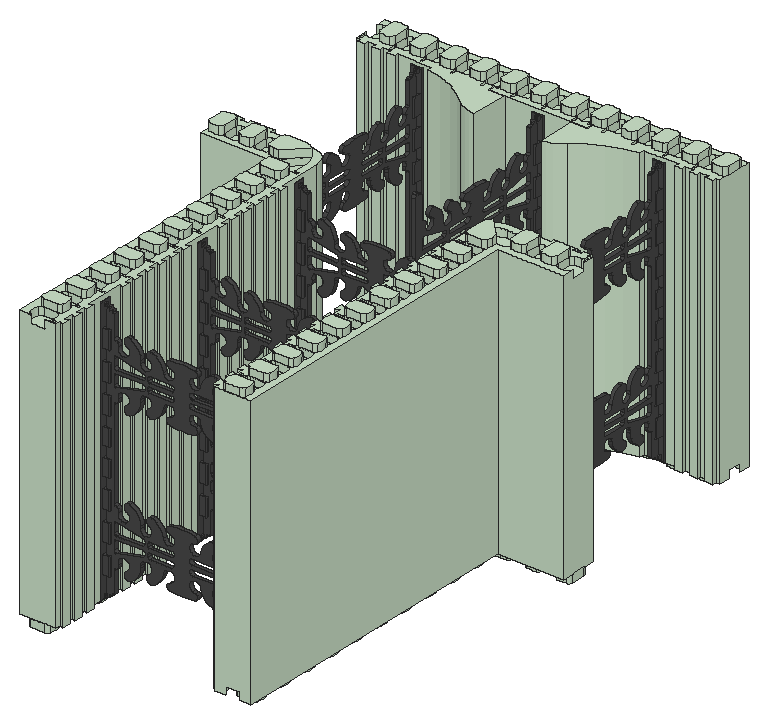
Revit family "ICF- NUDURA 10-inch- Long T Form Unit- Imperial", category Generic Models, Revit 2010
Reference planes (in)
  plane 1 "Center (Front/Back)": y = -2
  plane 2: z = 0
  plane 3 "Center (Left/Right)": x = 2
  plane 4: y = 3
  plane 5: y = -7
  plane 6: x = 7
  plane 7: x = -3
  plane 8: z = 18
Forms (in)
  Extrusion 1, solid, material "NUDURA Expanded Polystyrene Foam Insulation"
    sketch origin (0, 0, 0) x (1, 0, 0) y (0, 1, 0)
      loop
        line (-10, 5.625) -> (-10, 3.25) -> (-9.71883, 3.25) -> (-9.78117, 3) -> (-9.21883, 3) -> (-9.28117, 3.25) -> (-8.71883, 3.25) -> (-8.78117, 3) -> (-8.21883, 3) -> (-8.28117, 3.25) -> (-7.71883, 3.25) -> (-7.78117, 3) -> (-7.21883, 3) -> (-7.28117, 3.25) -> (-5, 3.25) -> (-5, 2.875)
        arc (-5, 2.875) -> (-3.12304, 2.37468) -> (-1.50918, 1.29358) r 5.91797
        arc (-1.50918, 1.29358) -> (-0.91296, 0.90605) -> (-0.21883, 0.75162) r 2
        line (-0.21883, 0.75162) -> (-0.21883, 3.25) -> (-1.25, 3.25) -> (-1.25, 3.69867) -> (-1, 3.63633) -> (-1, 4.24332) -> (-1.25, 4.17633) -> (-1.25, 4.69867) -> (-1, 4.63633) -> (-1, 5.24332) -> (-1.25, 5.17633) -> (-1.25, 5.625) -> (-10, 5.625)
      loop
        line (14, 3.25) -> (14, 5.625) -> (5.25, 5.625) -> (5.25, 5.17633) -> (5, 5.24332) -> (5, 4.63633) -> (5.25, 4.69867) -> (5.25, 4.17633) -> (5, 4.24332) -> (5, 3.63633) -> (5.25, 3.69867) -> (5.25, 3.25) -> (4.21883, 3.25) -> (4.21883, 0.75162)
        arc (4.21883, 0.75162) -> (4.91296, 0.90605) -> (5.50918, 1.29358) r 2
        arc (5.50918, 1.29358) -> (7.12304, 2.37468) -> (9, 2.875) r 5.91797
        line (9, 2.875) -> (9, 3.25) -> (11.28117, 3.25) -> (11.21883, 3) -> (11.78117, 3) -> (11.71883, 3.25) -> (12.28117, 3.25) -> (12.21883, 3) -> (12.78117, 3) -> (12.71883, 3.25) -> (13.28117, 3.25) -> (13.21883, 3) -> (13.78117, 3) -> (13.71883, 3.25) -> (14, 3.25)
      loop
        line (-3.25, -29.99998) -> (-3.25, -29.71882) -> (-3, -29.78115) -> (-3, -29.21882) -> (-3.25, -29.28115) -> (-3.25, -28.71882) -> (-3, -28.78115) -> (-3, -28.21882) -> (-3.25, -28.28115) -> (-3.25, -27.71882) -> (-3, -27.78115) -> (-3, -27.21882) -> (-3.25, -27.28115) -> (-3.25, -24.71882) -> (-3, -24.78115) -> (-3, -24.21882) -> (-3.25, -24.28115) -> (-3.25, -23.71882) -> (-3, -23.78115) -> (-3, -23.21882) -> (-3.25, -23.28115) -> (-3.25, -22.71882) -> (-3, -22.78115) -> (-3, -22.21882) -> (-3.25, -22.28115) -> (-3.25, -21.71882) -> (-3, -21.78115) -> (-3, -21.21882) -> (-3.25, -21.28115) -> (-3.25, -20.71882) -> (-3, -20.78115) -> (-3, -20.21882) -> (-3.25, -20.28115) -> (-3.25, -19.71882) -> (-3, -19.78115) -> (-3, -19.21882) -> (-3.25, -19.28115) -> (-3.25, -16.71882) -> (-3, -16.78115) -> (-3, -16.21882) -> (-3.25, -16.28115) -> (-3.25, -15.71882) -> (-3, -15.78115) -> (-3, -15.21882) -> (-3.25, -15.28115) -> (-3.25, -14.71882) -> (-3, -14.78115) -> (-3, -14.21882) -> (-3.25, -14.28115) -> (-3.25, -13.71882) -> (-3, -13.78115) -> (-3, -13.21882) -> (-3.25, -13.28115) -> (-3.25, -12.71882) -> (-3, -12.78115) -> (-3, -12.21882) -> (-3.25, -12.28115) -> (-3.25, -11.71882) -> (-3, -11.78115) -> (-3, -11.21882) -> (-3.25, -11.28115) -> (-3.25, -8.49998)
        arc (-3.25, -8.49998) -> (-3.61612, -7.6161) -> (-4.5, -7.24998) r 1.25
        line (-4.5, -7.24998) -> (-7.28117, -7.24998) -> (-7.21883, -6.99998) -> (-7.78117, -6.99998) -> (-7.71883, -7.24998) -> (-8.28117, -7.24998) -> (-8.21883, -6.99998) -> (-8.78117, -6.99998) -> (-8.71883, -7.24998) -> (-9.28117, -7.24998) -> (-9.21883, -6.99998) -> (-9.78117, -6.99998) -> (-9.71883, -7.24998) -> (-10, -7.24998) -> (-10, -9.62498) -> (-5.625, -9.62498) -> (-5.625, -29.99998) -> (-3.25, -29.99998)
      loop
        line (7.25, -29.99998) -> (9.625, -29.99998) -> (9.625, -9.62498) -> (14, -9.62498) -> (14, -7.24998) -> (13.71883, -7.24998) -> (13.78117, -6.99998) -> (13.21883, -6.99998) -> (13.28117, -7.24998) -> (12.71883, -7.24998) -> (12.78117, -6.99998) -> (12.21883, -6.99998) -> (12.28117, -7.24998) -> (11.71883, -7.24998) -> (11.78117, -6.99998) -> (11.21883, -6.99998) -> (11.28117, -7.24998) -> (8.5, -7.24998)
        arc (8.5, -7.24998) -> (7.61612, -7.6161) -> (7.25, -8.49998) r 1.25
        line (7.25, -8.49998) -> (7.25, -11.28115) -> (7, -11.21882) -> (7, -11.78115) -> (7.25, -11.71882) -> (7.25, -12.28115) -> (7, -12.21882) -> (7, -12.78115) -> (7.25, -12.71882) -> (7.25, -13.28115) -> (7, -13.21882) -> (7, -13.78115) -> (7.25, -13.71882) -> (7.25, -14.28115) -> (7, -14.21882) -> (7, -14.78115) -> (7.25, -14.71882) -> (7.25, -15.28115) -> (7, -15.21882) -> (7, -15.78115) -> (7.25, -15.71882) -> (7.25, -16.28115) -> (7, -16.21882) -> (7, -16.78115) -> (7.25, -16.71882) -> (7.25, -19.28115) -> (7, -19.21882) -> (7, -19.78115) -> (7.25, -19.71882) -> (7.25, -20.28115) -> (7, -20.21882) -> (7, -20.78115) -> (7.25, -20.71882) -> (7.25, -21.28115) -> (7, -21.21882) -> (7, -21.78115) -> (7.25, -21.71882) -> (7.25, -22.28115) -> (7, -22.21882) -> (7, -22.78115) -> (7.25, -22.71882) -> (7.25, -23.28115) -> (7, -23.21882) -> (7, -23.78115) -> (7.25, -23.71882) -> (7.25, -24.28115) -> (7, -24.21882) -> (7, -24.78115) -> (7.25, -24.71882) -> (7.25, -27.28115) -> (7, -27.21882) -> (7, -27.78115) -> (7.25, -27.71882) -> (7.25, -28.28115) -> (7, -28.21882) -> (7, -28.78115) -> (7.25, -28.71882) -> (7.25, -29.28115) -> (7, -29.21882) -> (7, -29.78115) -> (7.25, -29.71882) -> (7.25, -29.99998)
    from 0 to 18
  Extrusion 2, void
    sketch origin (0, -4, 0) x (1, 0, 0) y (0, 1, 0)
      loop
        arc (-5.13595, -25.17306) -> (-5.1875, -25.49998) -> (-5.13595, -25.8269) r 1.0625
        arc (-5.13595, -25.8269) -> (-5.04517, -25.95213) -> (-4.89808, -25.99998) r 0.25
        line (-4.89808, -25.99998) -> (-3.97692, -25.99998)
        arc (-3.97692, -25.99998) -> (-3.88568, -25.98274) -> (-3.80702, -25.93338) r 0.25
        arc (-3.80702, -25.93338) -> (-3.78736, -25.92104) -> (-3.76455, -25.91673) r 0.0625
        line (-3.76455, -25.91673) -> (-3.41845, -25.91673) -> (-3.41845, -25.7459) -> (-3.64005, -25.7459)
        arc (-3.64005, -25.7459) -> (-3.68771, -25.72383) -> (-3.70172, -25.67321) r 0.0625
        arc (-3.70172, -25.67321) -> (-3.69045, -25.4209) -> (-3.73905, -25.17306) r 1.0625
        arc (-3.73905, -25.17306) -> (-3.82983, -25.04783) -> (-3.97692, -24.99998) r 0.25
        line (-3.97692, -24.99998) -> (-4.89808, -24.99998)
        arc (-4.89808, -24.99998) -> (-5.04517, -25.04783) -> (-5.13595, -25.17306) r 0.25
    from 18 to 17.5
  Extrusion 3, void
    sketch origin (0, -2, 0) x (1, 0, 0) y (0, 1, 0)
      loop
        arc (-5.13595, -25.17306) -> (-5.1875, -25.49998) -> (-5.13595, -25.8269) r 1.0625
        arc (-5.13595, -25.8269) -> (-5.04517, -25.95213) -> (-4.89808, -25.99998) r 0.25
        line (-4.89808, -25.99998) -> (-3.97692, -25.99998)
        arc (-3.97692, -25.99998) -> (-3.88568, -25.98274) -> (-3.80702, -25.93338) r 0.25
        arc (-3.80702, -25.93338) -> (-3.78736, -25.92104) -> (-3.76455, -25.91673) r 0.0625
        line (-3.76455, -25.91673) -> (-3.41845, -25.91673) -> (-3.41845, -25.7459) -> (-3.64005, -25.7459)
        arc (-3.64005, -25.7459) -> (-3.68771, -25.72383) -> (-3.70172, -25.67321) r 0.0625
        arc (-3.70172, -25.67321) -> (-3.69045, -25.4209) -> (-3.73905, -25.17306) r 1.0625
        arc (-3.73905, -25.17306) -> (-3.82983, -25.04783) -> (-3.97692, -24.99998) r 0.25
        line (-3.97692, -24.99998) -> (-4.89808, -24.99998)
        arc (-4.89808, -24.99998) -> (-5.04517, -25.04783) -> (-5.13595, -25.17306) r 0.25
    from 18 to 17.5
  Extrusion 4, void
    sketch origin (0, 0, 0) x (1, 0, 0) y (0, 1, 0)
      loop
        arc (-5.13595, -25.17306) -> (-5.1875, -25.49998) -> (-5.13595, -25.8269) r 1.0625
        arc (-5.13595, -25.8269) -> (-5.04517, -25.95213) -> (-4.89808, -25.99998) r 0.25
        line (-4.89808, -25.99998) -> (-3.97692, -25.99998)
        arc (-3.97692, -25.99998) -> (-3.88568, -25.98274) -> (-3.80702, -25.93338) r 0.25
        arc (-3.80702, -25.93338) -> (-3.78736, -25.92104) -> (-3.76455, -25.91673) r 0.0625
        line (-3.76455, -25.91673) -> (-3.41845, -25.91673) -> (-3.41845, -25.7459) -> (-3.64005, -25.7459)
        arc (-3.64005, -25.7459) -> (-3.68771, -25.72383) -> (-3.70172, -25.67321) r 0.0625
        arc (-3.70172, -25.67321) -> (-3.69045, -25.4209) -> (-3.73905, -25.17306) r 1.0625
        arc (-3.73905, -25.17306) -> (-3.82983, -25.04783) -> (-3.97692, -24.99998) r 0.25
        line (-3.97692, -24.99998) -> (-4.89808, -24.99998)
        arc (-4.89808, -24.99998) -> (-5.04517, -25.04783) -> (-5.13595, -25.17306) r 0.25
    from 18 to 17.5
  Extrusion 5, void
    sketch origin (0, 2, 0) x (1, 0, 0) y (0, 1, 0)
      loop
        arc (-5.13595, -25.17306) -> (-5.1875, -25.49998) -> (-5.13595, -25.8269) r 1.0625
        arc (-5.13595, -25.8269) -> (-5.04517, -25.95213) -> (-4.89808, -25.99998) r 0.25
        line (-4.89808, -25.99998) -> (-3.97692, -25.99998)
        arc (-3.97692, -25.99998) -> (-3.88568, -25.98274) -> (-3.80702, -25.93338) r 0.25
        arc (-3.80702, -25.93338) -> (-3.78736, -25.92104) -> (-3.76455, -25.91673) r 0.0625
        line (-3.76455, -25.91673) -> (-3.41845, -25.91673) -> (-3.41845, -25.7459) -> (-3.64005, -25.7459)
        arc (-3.64005, -25.7459) -> (-3.68771, -25.72383) -> (-3.70172, -25.67321) r 0.0625
        arc (-3.70172, -25.67321) -> (-3.69045, -25.4209) -> (-3.73905, -25.17306) r 1.0625
        arc (-3.73905, -25.17306) -> (-3.82983, -25.04783) -> (-3.97692, -24.99998) r 0.25
        line (-3.97692, -24.99998) -> (-4.89808, -24.99998)
        arc (-4.89808, -24.99998) -> (-5.04517, -25.04783) -> (-5.13595, -25.17306) r 0.25
    from 18 to 17.5
  Extrusion 6, void
    sketch origin (0, 4, 0) x (1, 0, 0) y (0, 1, 0)
      loop
        arc (-5.13595, -25.17306) -> (-5.1875, -25.49998) -> (-5.13595, -25.8269) r 1.0625
        arc (-5.13595, -25.8269) -> (-5.04517, -25.95213) -> (-4.89808, -25.99998) r 0.25
        line (-4.89808, -25.99998) -> (-3.97692, -25.99998)
        arc (-3.97692, -25.99998) -> (-3.88568, -25.98274) -> (-3.80702, -25.93338) r 0.25
        arc (-3.80702, -25.93338) -> (-3.78736, -25.92104) -> (-3.76455, -25.91673) r 0.0625
        line (-3.76455, -25.91673) -> (-3.41845, -25.91673) -> (-3.41845, -25.7459) -> (-3.64005, -25.7459)
        arc (-3.64005, -25.7459) -> (-3.68771, -25.72383) -> (-3.70172, -25.67321) r 0.0625
        arc (-3.70172, -25.67321) -> (-3.69045, -25.4209) -> (-3.73905, -25.17306) r 1.0625
        arc (-3.73905, -25.17306) -> (-3.82983, -25.04783) -> (-3.97692, -24.99998) r 0.25
        line (-3.97692, -24.99998) -> (-4.89808, -24.99998)
        arc (-4.89808, -24.99998) -> (-5.04517, -25.04783) -> (-5.13595, -25.17306) r 0.25
    from 18 to 17.5
  Extrusion 7, void
    sketch origin (0, 6, 0) x (1, 0, 0) y (0, 1, 0)
      loop
        arc (-5.13595, -25.17306) -> (-5.1875, -25.49998) -> (-5.13595, -25.8269) r 1.0625
        arc (-5.13595, -25.8269) -> (-5.04517, -25.95213) -> (-4.89808, -25.99998) r 0.25
        line (-4.89808, -25.99998) -> (-3.97692, -25.99998)
        arc (-3.97692, -25.99998) -> (-3.88568, -25.98274) -> (-3.80702, -25.93338) r 0.25
        arc (-3.80702, -25.93338) -> (-3.78736, -25.92104) -> (-3.76455, -25.91673) r 0.0625
        line (-3.76455, -25.91673) -> (-3.41845, -25.91673) -> (-3.41845, -25.7459) -> (-3.64005, -25.7459)
        arc (-3.64005, -25.7459) -> (-3.68771, -25.72383) -> (-3.70172, -25.67321) r 0.0625
        arc (-3.70172, -25.67321) -> (-3.69045, -25.4209) -> (-3.73905, -25.17306) r 1.0625
        arc (-3.73905, -25.17306) -> (-3.82983, -25.04783) -> (-3.97692, -24.99998) r 0.25
        line (-3.97692, -24.99998) -> (-4.89808, -24.99998)
        arc (-4.89808, -24.99998) -> (-5.04517, -25.04783) -> (-5.13595, -25.17306) r 0.25
    from 18 to 17.5
  Extrusion 8, void
    sketch origin (0, 8, 0) x (1, 0, 0) y (0, 1, 0)
      loop
        arc (-5.13595, -25.17306) -> (-5.1875, -25.49998) -> (-5.13595, -25.8269) r 1.0625
        arc (-5.13595, -25.8269) -> (-5.04517, -25.95213) -> (-4.89808, -25.99998) r 0.25
        line (-4.89808, -25.99998) -> (-3.97692, -25.99998)
        arc (-3.97692, -25.99998) -> (-3.88568, -25.98274) -> (-3.80702, -25.93338) r 0.25
        arc (-3.80702, -25.93338) -> (-3.78736, -25.92104) -> (-3.76455, -25.91673) r 0.0625
        line (-3.76455, -25.91673) -> (-3.41845, -25.91673) -> (-3.41845, -25.7459) -> (-3.64005, -25.7459)
        arc (-3.64005, -25.7459) -> (-3.68771, -25.72383) -> (-3.70172, -25.67321) r 0.0625
        arc (-3.70172, -25.67321) -> (-3.69045, -25.4209) -> (-3.73905, -25.17306) r 1.0625
        arc (-3.73905, -25.17306) -> (-3.82983, -25.04783) -> (-3.97692, -24.99998) r 0.25
        line (-3.97692, -24.99998) -> (-4.89808, -24.99998)
        arc (-4.89808, -24.99998) -> (-5.04517, -25.04783) -> (-5.13595, -25.17306) r 0.25
    from 18 to 17.5
  Extrusion 9, void
    sketch origin (0, 10, 0) x (1, 0, 0) y (0, 1, 0)
      loop
        arc (-5.13595, -25.17306) -> (-5.1875, -25.49998) -> (-5.13595, -25.8269) r 1.0625
        arc (-5.13595, -25.8269) -> (-5.04517, -25.95213) -> (-4.89808, -25.99998) r 0.25
        line (-4.89808, -25.99998) -> (-3.97692, -25.99998)
        arc (-3.97692, -25.99998) -> (-3.88568, -25.98274) -> (-3.80702, -25.93338) r 0.25
        arc (-3.80702, -25.93338) -> (-3.78736, -25.92104) -> (-3.76455, -25.91673) r 0.0625
        line (-3.76455, -25.91673) -> (-3.41845, -25.91673) -> (-3.41845, -25.7459) -> (-3.64005, -25.7459)
        arc (-3.64005, -25.7459) -> (-3.68771, -25.72383) -> (-3.70172, -25.67321) r 0.0625
        arc (-3.70172, -25.67321) -> (-3.69045, -25.4209) -> (-3.73905, -25.17306) r 1.0625
        arc (-3.73905, -25.17306) -> (-3.82983, -25.04783) -> (-3.97692, -24.99998) r 0.25
        line (-3.97692, -24.99998) -> (-4.89808, -24.99998)
        arc (-4.89808, -24.99998) -> (-5.04517, -25.04783) -> (-5.13595, -25.17306) r 0.25
    from 18 to 17.5
  Extrusion 10, void
    sketch origin (0, 12, 0) x (1, 0, 0) y (0, 1, 0)
      loop
        arc (-5.13595, -25.17306) -> (-5.1875, -25.49998) -> (-5.13595, -25.8269) r 1.0625
        arc (-5.13595, -25.8269) -> (-5.04517, -25.95213) -> (-4.89808, -25.99998) r 0.25
        line (-4.89808, -25.99998) -> (-3.97692, -25.99998)
        arc (-3.97692, -25.99998) -> (-3.88568, -25.98274) -> (-3.80702, -25.93338) r 0.25
        arc (-3.80702, -25.93338) -> (-3.78736, -25.92104) -> (-3.76455, -25.91673) r 0.0625
        line (-3.76455, -25.91673) -> (-3.41845, -25.91673) -> (-3.41845, -25.7459) -> (-3.64005, -25.7459)
        arc (-3.64005, -25.7459) -> (-3.68771, -25.72383) -> (-3.70172, -25.67321) r 0.0625
        arc (-3.70172, -25.67321) -> (-3.69045, -25.4209) -> (-3.73905, -25.17306) r 1.0625
        arc (-3.73905, -25.17306) -> (-3.82983, -25.04783) -> (-3.97692, -24.99998) r 0.25
        line (-3.97692, -24.99998) -> (-4.89808, -24.99998)
        arc (-4.89808, -24.99998) -> (-5.04517, -25.04783) -> (-5.13595, -25.17306) r 0.25
    from 18 to 17.5
  Extrusion 11, void
    sketch origin (0, 14, 0) x (1, 0, 0) y (0, 1, 0)
      loop
        arc (-5.13595, -25.17306) -> (-5.1875, -25.49998) -> (-5.13595, -25.8269) r 1.0625
        arc (-5.13595, -25.8269) -> (-5.04517, -25.95213) -> (-4.89808, -25.99998) r 0.25
        line (-4.89808, -25.99998) -> (-3.97692, -25.99998)
        arc (-3.97692, -25.99998) -> (-3.88568, -25.98274) -> (-3.80702, -25.93338) r 0.25
        arc (-3.80702, -25.93338) -> (-3.78736, -25.92104) -> (-3.76455, -25.91673) r 0.0625
        line (-3.76455, -25.91673) -> (-3.41845, -25.91673) -> (-3.41845, -25.7459) -> (-3.64005, -25.7459)
        arc (-3.64005, -25.7459) -> (-3.68771, -25.72383) -> (-3.70172, -25.67321) r 0.0625
        arc (-3.70172, -25.67321) -> (-3.69045, -25.4209) -> (-3.73905, -25.17306) r 1.0625
        arc (-3.73905, -25.17306) -> (-3.82983, -25.04783) -> (-3.97692, -24.99998) r 0.25
        line (-3.97692, -24.99998) -> (-4.89808, -24.99998)
        arc (-4.89808, -24.99998) -> (-5.04517, -25.04783) -> (-5.13595, -25.17306) r 0.25
    from 18 to 17.5
  Extrusion 12, void
    sketch origin (0, -4, 0) x (1, 0, 0) y (0, 1, 0)
      loop
        line (-5.1875, -5.18748) -> (-5.1875, -5.49998)
        arc (-5.1875, -5.49998) -> (-5.17453, -5.66546) -> (-5.13595, -5.8269) r 1.0625
        arc (-5.13595, -5.8269) -> (-5.04517, -5.95213) -> (-4.89808, -5.99998) r 0.25
        line (-4.89808, -5.99998) -> (-3.97692, -5.99998)
        arc (-3.97692, -5.99998) -> (-3.88568, -5.98274) -> (-3.80702, -5.93338) r 0.25
        arc (-3.80702, -5.93338) -> (-3.78736, -5.92104) -> (-3.76455, -5.91673) r 0.0625
        line (-3.76455, -5.91673) -> (-3.41845, -5.91673) -> (-3.41845, -5.7459) -> (-3.64005, -5.7459)
        arc (-3.64005, -5.7459) -> (-3.68771, -5.72383) -> (-3.70172, -5.67321) r 0.0625
        arc (-3.70172, -5.67321) -> (-3.69106, -5.58689) -> (-3.6875, -5.49998) r 1.0625
        line (-3.6875, -5.49998) -> (-3.6875, -4.68748)
        arc (-3.6875, -4.68748) -> (-3.76362, -4.3048) -> (-3.98039, -3.98037) r 1
        line (-3.98039, -3.98037) -> (-5.1875, -5.18748)
    from 18 to 17.5
  Extrusion 13, void
    sketch origin (-31.99998, -3.99998, 0) x (0, 1, 0) y (-1, 0, 0)
      loop
        arc (-5.13595, -25.17306) -> (-5.1875, -25.49998) -> (-5.13595, -25.8269) r 1.0625
        arc (-5.13595, -25.8269) -> (-5.04517, -25.95213) -> (-4.89808, -25.99998) r 0.25
        line (-4.89808, -25.99998) -> (-3.97692, -25.99998)
        arc (-3.97692, -25.99998) -> (-3.88568, -25.98274) -> (-3.80702, -25.93338) r 0.25
        arc (-3.80702, -25.93338) -> (-3.78736, -25.92104) -> (-3.76455, -25.91673) r 0.0625
        line (-3.76455, -25.91673) -> (-3.41845, -25.91673) -> (-3.41845, -25.7459) -> (-3.64005, -25.7459)
        arc (-3.64005, -25.7459) -> (-3.68771, -25.72383) -> (-3.70172, -25.67321) r 0.0625
        arc (-3.70172, -25.67321) -> (-3.69045, -25.4209) -> (-3.73905, -25.17306) r 1.0625
        arc (-3.73905, -25.17306) -> (-3.82983, -25.04783) -> (-3.97692, -24.99998) r 0.25
        line (-3.97692, -24.99998) -> (-4.89808, -24.99998)
        arc (-4.89808, -24.99998) -> (-5.04517, -25.04783) -> (-5.13595, -25.17306) r 0.25
    from 18 to 17.5
  Extrusion 14, void
    sketch origin (-33.99998, -3.99998, 0) x (0, 1, 0) y (-1, 0, 0)
      loop
        arc (-5.13595, -25.17306) -> (-5.1875, -25.49998) -> (-5.13595, -25.8269) r 1.0625
        arc (-5.13595, -25.8269) -> (-5.04517, -25.95213) -> (-4.89808, -25.99998) r 0.25
        line (-4.89808, -25.99998) -> (-3.97692, -25.99998)
        arc (-3.97692, -25.99998) -> (-3.88568, -25.98274) -> (-3.80702, -25.93338) r 0.25
        arc (-3.80702, -25.93338) -> (-3.78736, -25.92104) -> (-3.76455, -25.91673) r 0.0625
        line (-3.76455, -25.91673) -> (-3.41845, -25.91673) -> (-3.41845, -25.7459) -> (-3.64005, -25.7459)
        arc (-3.64005, -25.7459) -> (-3.68771, -25.72383) -> (-3.70172, -25.67321) r 0.0625
        arc (-3.70172, -25.67321) -> (-3.69045, -25.4209) -> (-3.73905, -25.17306) r 1.0625
        arc (-3.73905, -25.17306) -> (-3.82983, -25.04783) -> (-3.97692, -24.99998) r 0.25
        line (-3.97692, -24.99998) -> (-4.89808, -24.99998)
        arc (-4.89808, -24.99998) -> (-5.04517, -25.04783) -> (-5.13595, -25.17306) r 0.25
    from 18 to 17.5
  Extrusion 15, void
    sketch origin (0, -53.99996, 0) x (1, 0, 0) y (0, 1, 0)
      loop
        arc (-5.13595, 25.17306) -> (-5.04517, 25.04783) -> (-4.89808, 24.99998) r 0.25
        line (-4.89808, 24.99998) -> (-3.97692, 24.99998)
        arc (-3.97692, 24.99998) -> (-3.82983, 25.04783) -> (-3.73905, 25.17306) r 0.25
        arc (-3.73905, 25.17306) -> (-3.69045, 25.4209) -> (-3.70172, 25.67321) r 1.0625
        arc (-3.70172, 25.67321) -> (-3.68771, 25.72383) -> (-3.64005, 25.7459) r 0.0625
        line (-3.64005, 25.7459) -> (-3.41845, 25.7459) -> (-3.41845, 25.91673) -> (-3.76455, 25.91673)
        arc (-3.76455, 25.91673) -> (-3.78736, 25.92104) -> (-3.80702, 25.93338) r 0.0625
        arc (-3.80702, 25.93338) -> (-3.88568, 25.98274) -> (-3.97692, 25.99998) r 0.25
        line (-3.97692, 25.99998) -> (-4.89808, 25.99998)
        arc (-4.89808, 25.99998) -> (-5.04517, 25.95213) -> (-5.13595, 25.8269) r 0.25
        arc (-5.13595, 25.8269) -> (-5.1875, 25.49998) -> (-5.13595, 25.17306) r 1.0625
    from 0 to 0.5
  Extrusion 16, void
    sketch origin (0, -51.99996, 0) x (1, 0, 0) y (0, 1, 0)
      loop
        arc (-5.13595, 25.17306) -> (-5.04517, 25.04783) -> (-4.89808, 24.99998) r 0.25
        line (-4.89808, 24.99998) -> (-3.97692, 24.99998)
        arc (-3.97692, 24.99998) -> (-3.82983, 25.04783) -> (-3.73905, 25.17306) r 0.25
        arc (-3.73905, 25.17306) -> (-3.69045, 25.4209) -> (-3.70172, 25.67321) r 1.0625
        arc (-3.70172, 25.67321) -> (-3.68771, 25.72383) -> (-3.64005, 25.7459) r 0.0625
        line (-3.64005, 25.7459) -> (-3.41845, 25.7459) -> (-3.41845, 25.91673) -> (-3.76455, 25.91673)
        arc (-3.76455, 25.91673) -> (-3.78736, 25.92104) -> (-3.80702, 25.93338) r 0.0625
        arc (-3.80702, 25.93338) -> (-3.88568, 25.98274) -> (-3.97692, 25.99998) r 0.25
        line (-3.97692, 25.99998) -> (-4.89808, 25.99998)
        arc (-4.89808, 25.99998) -> (-5.04517, 25.95213) -> (-5.13595, 25.8269) r 0.25
        arc (-5.13595, 25.8269) -> (-5.1875, 25.49998) -> (-5.13595, 25.17306) r 1.0625
    from 0 to 0.5
  Extrusion 17, void
    sketch origin (0, -49.99996, 0) x (1, 0, 0) y (0, 1, 0)
      loop
        arc (-5.13595, 25.17306) -> (-5.04517, 25.04783) -> (-4.89808, 24.99998) r 0.25
        line (-4.89808, 24.99998) -> (-3.97692, 24.99998)
        arc (-3.97692, 24.99998) -> (-3.82983, 25.04783) -> (-3.73905, 25.17306) r 0.25
        arc (-3.73905, 25.17306) -> (-3.69045, 25.4209) -> (-3.70172, 25.67321) r 1.0625
        arc (-3.70172, 25.67321) -> (-3.68771, 25.72383) -> (-3.64005, 25.7459) r 0.0625
        line (-3.64005, 25.7459) -> (-3.41845, 25.7459) -> (-3.41845, 25.91673) -> (-3.76455, 25.91673)
        arc (-3.76455, 25.91673) -> (-3.78736, 25.92104) -> (-3.80702, 25.93338) r 0.0625
        arc (-3.80702, 25.93338) -> (-3.88568, 25.98274) -> (-3.97692, 25.99998) r 0.25
        line (-3.97692, 25.99998) -> (-4.89808, 25.99998)
        arc (-4.89808, 25.99998) -> (-5.04517, 25.95213) -> (-5.13595, 25.8269) r 0.25
        arc (-5.13595, 25.8269) -> (-5.1875, 25.49998) -> (-5.13595, 25.17306) r 1.0625
    from 0 to 0.5
  Extrusion 18, void
    sketch origin (0, -47.99996, 0) x (1, 0, 0) y (0, 1, 0)
      loop
        arc (-5.13595, 25.17306) -> (-5.04517, 25.04783) -> (-4.89808, 24.99998) r 0.25
        line (-4.89808, 24.99998) -> (-3.97692, 24.99998)
        arc (-3.97692, 24.99998) -> (-3.82983, 25.04783) -> (-3.73905, 25.17306) r 0.25
        arc (-3.73905, 25.17306) -> (-3.69045, 25.4209) -> (-3.70172, 25.67321) r 1.0625
        arc (-3.70172, 25.67321) -> (-3.68771, 25.72383) -> (-3.64005, 25.7459) r 0.0625
        line (-3.64005, 25.7459) -> (-3.41845, 25.7459) -> (-3.41845, 25.91673) -> (-3.76455, 25.91673)
        arc (-3.76455, 25.91673) -> (-3.78736, 25.92104) -> (-3.80702, 25.93338) r 0.0625
        arc (-3.80702, 25.93338) -> (-3.88568, 25.98274) -> (-3.97692, 25.99998) r 0.25
        line (-3.97692, 25.99998) -> (-4.89808, 25.99998)
        arc (-4.89808, 25.99998) -> (-5.04517, 25.95213) -> (-5.13595, 25.8269) r 0.25
        arc (-5.13595, 25.8269) -> (-5.1875, 25.49998) -> (-5.13595, 25.17306) r 1.0625
    from 0 to 0.5
  Extrusion 19, void
    sketch origin (0, -45.99996, 0) x (1, 0, 0) y (0, 1, 0)
      loop
        arc (-5.13595, 25.17306) -> (-5.04517, 25.04783) -> (-4.89808, 24.99998) r 0.25
        line (-4.89808, 24.99998) -> (-3.97692, 24.99998)
        arc (-3.97692, 24.99998) -> (-3.82983, 25.04783) -> (-3.73905, 25.17306) r 0.25
        arc (-3.73905, 25.17306) -> (-3.69045, 25.4209) -> (-3.70172, 25.67321) r 1.0625
        arc (-3.70172, 25.67321) -> (-3.68771, 25.72383) -> (-3.64005, 25.7459) r 0.0625
        line (-3.64005, 25.7459) -> (-3.41845, 25.7459) -> (-3.41845, 25.91673) -> (-3.76455, 25.91673)
        arc (-3.76455, 25.91673) -> (-3.78736, 25.92104) -> (-3.80702, 25.93338) r 0.0625
        arc (-3.80702, 25.93338) -> (-3.88568, 25.98274) -> (-3.97692, 25.99998) r 0.25
        line (-3.97692, 25.99998) -> (-4.89808, 25.99998)
        arc (-4.89808, 25.99998) -> (-5.04517, 25.95213) -> (-5.13595, 25.8269) r 0.25
        arc (-5.13595, 25.8269) -> (-5.1875, 25.49998) -> (-5.13595, 25.17306) r 1.0625
    from 0 to 0.5
  Extrusion 20, void
    sketch origin (0, -43.99996, 0) x (1, 0, 0) y (0, 1, 0)
      loop
        arc (-5.13595, 25.17306) -> (-5.04517, 25.04783) -> (-4.89808, 24.99998) r 0.25
        line (-4.89808, 24.99998) -> (-3.97692, 24.99998)
        arc (-3.97692, 24.99998) -> (-3.82983, 25.04783) -> (-3.73905, 25.17306) r 0.25
        arc (-3.73905, 25.17306) -> (-3.69045, 25.4209) -> (-3.70172, 25.67321) r 1.0625
        arc (-3.70172, 25.67321) -> (-3.68771, 25.72383) -> (-3.64005, 25.7459) r 0.0625
        line (-3.64005, 25.7459) -> (-3.41845, 25.7459) -> (-3.41845, 25.91673) -> (-3.76455, 25.91673)
        arc (-3.76455, 25.91673) -> (-3.78736, 25.92104) -> (-3.80702, 25.93338) r 0.0625
        arc (-3.80702, 25.93338) -> (-3.88568, 25.98274) -> (-3.97692, 25.99998) r 0.25
        line (-3.97692, 25.99998) -> (-4.89808, 25.99998)
        arc (-4.89808, 25.99998) -> (-5.04517, 25.95213) -> (-5.13595, 25.8269) r 0.25
        arc (-5.13595, 25.8269) -> (-5.1875, 25.49998) -> (-5.13595, 25.17306) r 1.0625
    from 0 to 0.5
  Extrusion 21, void
    sketch origin (0, -41.99996, 0) x (1, 0, 0) y (0, 1, 0)
      loop
        arc (-5.13595, 25.17306) -> (-5.04517, 25.04783) -> (-4.89808, 24.99998) r 0.25
        line (-4.89808, 24.99998) -> (-3.97692, 24.99998)
        arc (-3.97692, 24.99998) -> (-3.82983, 25.04783) -> (-3.73905, 25.17306) r 0.25
        arc (-3.73905, 25.17306) -> (-3.69045, 25.4209) -> (-3.70172, 25.67321) r 1.0625
        arc (-3.70172, 25.67321) -> (-3.68771, 25.72383) -> (-3.64005, 25.7459) r 0.0625
        line (-3.64005, 25.7459) -> (-3.41845, 25.7459) -> (-3.41845, 25.91673) -> (-3.76455, 25.91673)
        arc (-3.76455, 25.91673) -> (-3.78736, 25.92104) -> (-3.80702, 25.93338) r 0.0625
        arc (-3.80702, 25.93338) -> (-3.88568, 25.98274) -> (-3.97692, 25.99998) r 0.25
        line (-3.97692, 25.99998) -> (-4.89808, 25.99998)
        arc (-4.89808, 25.99998) -> (-5.04517, 25.95213) -> (-5.13595, 25.8269) r 0.25
        arc (-5.13595, 25.8269) -> (-5.1875, 25.49998) -> (-5.13595, 25.17306) r 1.0625
    from 0 to 0.5
  Extrusion 22, void
    sketch origin (0, -39.99996, 0) x (1, 0, 0) y (0, 1, 0)
      loop
        arc (-5.13595, 25.17306) -> (-5.04517, 25.04783) -> (-4.89808, 24.99998) r 0.25
        line (-4.89808, 24.99998) -> (-3.97692, 24.99998)
        arc (-3.97692, 24.99998) -> (-3.82983, 25.04783) -> (-3.73905, 25.17306) r 0.25
        arc (-3.73905, 25.17306) -> (-3.69045, 25.4209) -> (-3.70172, 25.67321) r 1.0625
        arc (-3.70172, 25.67321) -> (-3.68771, 25.72383) -> (-3.64005, 25.7459) r 0.0625
        line (-3.64005, 25.7459) -> (-3.41845, 25.7459) -> (-3.41845, 25.91673) -> (-3.76455, 25.91673)
        arc (-3.76455, 25.91673) -> (-3.78736, 25.92104) -> (-3.80702, 25.93338) r 0.0625
        arc (-3.80702, 25.93338) -> (-3.88568, 25.98274) -> (-3.97692, 25.99998) r 0.25
        line (-3.97692, 25.99998) -> (-4.89808, 25.99998)
        arc (-4.89808, 25.99998) -> (-5.04517, 25.95213) -> (-5.13595, 25.8269) r 0.25
        arc (-5.13595, 25.8269) -> (-5.1875, 25.49998) -> (-5.13595, 25.17306) r 1.0625
    from 0 to 0.5
  Extrusion 23, void
    sketch origin (0, -37.99996, 0) x (1, 0, 0) y (0, 1, 0)
      loop
        arc (-5.13595, 25.17306) -> (-5.04517, 25.04783) -> (-4.89808, 24.99998) r 0.25
        line (-4.89808, 24.99998) -> (-3.97692, 24.99998)
        arc (-3.97692, 24.99998) -> (-3.82983, 25.04783) -> (-3.73905, 25.17306) r 0.25
        arc (-3.73905, 25.17306) -> (-3.69045, 25.4209) -> (-3.70172, 25.67321) r 1.0625
        arc (-3.70172, 25.67321) -> (-3.68771, 25.72383) -> (-3.64005, 25.7459) r 0.0625
        line (-3.64005, 25.7459) -> (-3.41845, 25.7459) -> (-3.41845, 25.91673) -> (-3.76455, 25.91673)
        arc (-3.76455, 25.91673) -> (-3.78736, 25.92104) -> (-3.80702, 25.93338) r 0.0625
        arc (-3.80702, 25.93338) -> (-3.88568, 25.98274) -> (-3.97692, 25.99998) r 0.25
        line (-3.97692, 25.99998) -> (-4.89808, 25.99998)
        arc (-4.89808, 25.99998) -> (-5.04517, 25.95213) -> (-5.13595, 25.8269) r 0.25
        arc (-5.13595, 25.8269) -> (-5.1875, 25.49998) -> (-5.13595, 25.17306) r 1.0625
    from 0 to 0.5
  Extrusion 24, void
    sketch origin (0, -35.99996, 0) x (1, 0, 0) y (0, 1, 0)
      loop
        arc (-5.13595, 25.17306) -> (-5.04517, 25.04783) -> (-4.89808, 24.99998) r 0.25
        line (-4.89808, 24.99998) -> (-3.97692, 24.99998)
        arc (-3.97692, 24.99998) -> (-3.82983, 25.04783) -> (-3.73905, 25.17306) r 0.25
        arc (-3.73905, 25.17306) -> (-3.69045, 25.4209) -> (-3.70172, 25.67321) r 1.0625
        arc (-3.70172, 25.67321) -> (-3.68771, 25.72383) -> (-3.64005, 25.7459) r 0.0625
        line (-3.64005, 25.7459) -> (-3.41845, 25.7459) -> (-3.41845, 25.91673) -> (-3.76455, 25.91673)
        arc (-3.76455, 25.91673) -> (-3.78736, 25.92104) -> (-3.80702, 25.93338) r 0.0625
        arc (-3.80702, 25.93338) -> (-3.88568, 25.98274) -> (-3.97692, 25.99998) r 0.25
        line (-3.97692, 25.99998) -> (-4.89808, 25.99998)
        arc (-4.89808, 25.99998) -> (-5.04517, 25.95213) -> (-5.13595, 25.8269) r 0.25
        arc (-5.13595, 25.8269) -> (-5.1875, 25.49998) -> (-5.13595, 25.17306) r 1.0625
    from 0 to 0.5
  Extrusion 25, void
    sketch origin (-0.00002, -3.99998, 0) x (0, 1, 0) y (-1, 0, 0)
      loop
        line (-5.1875, 5.18748) -> (-3.98039, 3.98037)
        arc (-3.98039, 3.98037) -> (-3.76362, 4.3048) -> (-3.6875, 4.68748) r 1
        line (-3.6875, 4.68748) -> (-3.6875, 5.49998)
        arc (-3.6875, 5.49998) -> (-3.69106, 5.58689) -> (-3.70172, 5.67321) r 1.0625
        arc (-3.70172, 5.67321) -> (-3.68771, 5.72383) -> (-3.64005, 5.7459) r 0.0625
        line (-3.64005, 5.7459) -> (-3.41845, 5.7459) -> (-3.41845, 5.91673) -> (-3.76455, 5.91673)
        arc (-3.76455, 5.91673) -> (-3.78736, 5.92104) -> (-3.80702, 5.93338) r 0.0625
        arc (-3.80702, 5.93338) -> (-3.88568, 5.98274) -> (-3.97692, 5.99998) r 0.25
        line (-3.97692, 5.99998) -> (-4.89808, 5.99998)
        arc (-4.89808, 5.99998) -> (-5.04517, 5.95213) -> (-5.13595, 5.8269) r 0.25
        arc (-5.13595, 5.8269) -> (-5.17453, 5.66546) -> (-5.1875, 5.49998) r 1.0625
        line (-5.1875, 5.49998) -> (-5.1875, 5.18748)
    from 0 to 0.5
  Extrusion 26, void
    sketch origin (17.99998, -3.99998, 0) x (0, 1, 0) y (-1, 0, 0)
      loop
        arc (-5.13595, 25.17306) -> (-5.04517, 25.04783) -> (-4.89808, 24.99998) r 0.25
        line (-4.89808, 24.99998) -> (-3.97692, 24.99998)
        arc (-3.97692, 24.99998) -> (-3.82983, 25.04783) -> (-3.73905, 25.17306) r 0.25
        arc (-3.73905, 25.17306) -> (-3.69045, 25.4209) -> (-3.70172, 25.67321) r 1.0625
        arc (-3.70172, 25.67321) -> (-3.68771, 25.72383) -> (-3.64005, 25.7459) r 0.0625
        line (-3.64005, 25.7459) -> (-3.41845, 25.7459) -> (-3.41845, 25.91673) -> (-3.76455, 25.91673)
        arc (-3.76455, 25.91673) -> (-3.78736, 25.92104) -> (-3.80702, 25.93338) r 0.0625
        arc (-3.80702, 25.93338) -> (-3.88568, 25.98274) -> (-3.97692, 25.99998) r 0.25
        line (-3.97692, 25.99998) -> (-4.89808, 25.99998)
        arc (-4.89808, 25.99998) -> (-5.04517, 25.95213) -> (-5.13595, 25.8269) r 0.25
        arc (-5.13595, 25.8269) -> (-5.1875, 25.49998) -> (-5.13595, 25.17306) r 1.0625
    from 0 to 0.5
  Extrusion 27, void
    sketch origin (15.99998, -3.99998, 0) x (0, 1, 0) y (-1, 0, 0)
      loop
        arc (-5.13595, 25.17306) -> (-5.04517, 25.04783) -> (-4.89808, 24.99998) r 0.25
        line (-4.89808, 24.99998) -> (-3.97692, 24.99998)
        arc (-3.97692, 24.99998) -> (-3.82983, 25.04783) -> (-3.73905, 25.17306) r 0.25
        arc (-3.73905, 25.17306) -> (-3.69045, 25.4209) -> (-3.70172, 25.67321) r 1.0625
        arc (-3.70172, 25.67321) -> (-3.68771, 25.72383) -> (-3.64005, 25.7459) r 0.0625
        line (-3.64005, 25.7459) -> (-3.41845, 25.7459) -> (-3.41845, 25.91673) -> (-3.76455, 25.91673)
        arc (-3.76455, 25.91673) -> (-3.78736, 25.92104) -> (-3.80702, 25.93338) r 0.0625
        arc (-3.80702, 25.93338) -> (-3.88568, 25.98274) -> (-3.97692, 25.99998) r 0.25
        line (-3.97692, 25.99998) -> (-4.89808, 25.99998)
        arc (-4.89808, 25.99998) -> (-5.04517, 25.95213) -> (-5.13595, 25.8269) r 0.25
        arc (-5.13595, 25.8269) -> (-5.1875, 25.49998) -> (-5.13595, 25.17306) r 1.0625
    from 0 to 0.5
  Extrusion 28, void
    sketch origin (4, -53.99996, 0) x (-1, 0, 0) y (0, -1, 0)
      loop
        arc (-5.13595, -25.17306) -> (-5.1875, -25.49998) -> (-5.13595, -25.8269) r 1.0625
        arc (-5.13595, -25.8269) -> (-5.04517, -25.95213) -> (-4.89808, -25.99998) r 0.25
        line (-4.89808, -25.99998) -> (-3.97692, -25.99998)
        arc (-3.97692, -25.99998) -> (-3.88568, -25.98274) -> (-3.80702, -25.93338) r 0.25
        arc (-3.80702, -25.93338) -> (-3.78736, -25.92104) -> (-3.76455, -25.91673) r 0.0625
        line (-3.76455, -25.91673) -> (-3.41845, -25.91673) -> (-3.41845, -25.7459) -> (-3.64005, -25.7459)
        arc (-3.64005, -25.7459) -> (-3.68771, -25.72383) -> (-3.70172, -25.67321) r 0.0625
        arc (-3.70172, -25.67321) -> (-3.69045, -25.4209) -> (-3.73905, -25.17306) r 1.0625
        arc (-3.73905, -25.17306) -> (-3.82983, -25.04783) -> (-3.97692, -24.99998) r 0.25
        line (-3.97692, -24.99998) -> (-4.89808, -24.99998)
        arc (-4.89808, -24.99998) -> (-5.04517, -25.04783) -> (-5.13595, -25.17306) r 0.25
    from 18 to 17.5
  Extrusion 29, void
    sketch origin (4, -51.99996, 0) x (-1, 0, 0) y (0, -1, 0)
      loop
        arc (-5.13595, -25.17306) -> (-5.1875, -25.49998) -> (-5.13595, -25.8269) r 1.0625
        arc (-5.13595, -25.8269) -> (-5.04517, -25.95213) -> (-4.89808, -25.99998) r 0.25
        line (-4.89808, -25.99998) -> (-3.97692, -25.99998)
        arc (-3.97692, -25.99998) -> (-3.88568, -25.98274) -> (-3.80702, -25.93338) r 0.25
        arc (-3.80702, -25.93338) -> (-3.78736, -25.92104) -> (-3.76455, -25.91673) r 0.0625
        line (-3.76455, -25.91673) -> (-3.41845, -25.91673) -> (-3.41845, -25.7459) -> (-3.64005, -25.7459)
        arc (-3.64005, -25.7459) -> (-3.68771, -25.72383) -> (-3.70172, -25.67321) r 0.0625
        arc (-3.70172, -25.67321) -> (-3.69045, -25.4209) -> (-3.73905, -25.17306) r 1.0625
        arc (-3.73905, -25.17306) -> (-3.82983, -25.04783) -> (-3.97692, -24.99998) r 0.25
        line (-3.97692, -24.99998) -> (-4.89808, -24.99998)
        arc (-4.89808, -24.99998) -> (-5.04517, -25.04783) -> (-5.13595, -25.17306) r 0.25
    from 18 to 17.5
  Extrusion 30, void
    sketch origin (4, -49.99996, 0) x (-1, 0, 0) y (0, -1, 0)
      loop
        arc (-5.13595, -25.17306) -> (-5.1875, -25.49998) -> (-5.13595, -25.8269) r 1.0625
        arc (-5.13595, -25.8269) -> (-5.04517, -25.95213) -> (-4.89808, -25.99998) r 0.25
        line (-4.89808, -25.99998) -> (-3.97692, -25.99998)
        arc (-3.97692, -25.99998) -> (-3.88568, -25.98274) -> (-3.80702, -25.93338) r 0.25
        arc (-3.80702, -25.93338) -> (-3.78736, -25.92104) -> (-3.76455, -25.91673) r 0.0625
        line (-3.76455, -25.91673) -> (-3.41845, -25.91673) -> (-3.41845, -25.7459) -> (-3.64005, -25.7459)
        arc (-3.64005, -25.7459) -> (-3.68771, -25.72383) -> (-3.70172, -25.67321) r 0.0625
        arc (-3.70172, -25.67321) -> (-3.69045, -25.4209) -> (-3.73905, -25.17306) r 1.0625
        arc (-3.73905, -25.17306) -> (-3.82983, -25.04783) -> (-3.97692, -24.99998) r 0.25
        line (-3.97692, -24.99998) -> (-4.89808, -24.99998)
        arc (-4.89808, -24.99998) -> (-5.04517, -25.04783) -> (-5.13595, -25.17306) r 0.25
    from 18 to 17.5
  Extrusion 31, void
    sketch origin (4, -47.99996, 0) x (-1, 0, 0) y (0, -1, 0)
      loop
        arc (-5.13595, -25.17306) -> (-5.1875, -25.49998) -> (-5.13595, -25.8269) r 1.0625
        arc (-5.13595, -25.8269) -> (-5.04517, -25.95213) -> (-4.89808, -25.99998) r 0.25
        line (-4.89808, -25.99998) -> (-3.97692, -25.99998)
        arc (-3.97692, -25.99998) -> (-3.88568, -25.98274) -> (-3.80702, -25.93338) r 0.25
        arc (-3.80702, -25.93338) -> (-3.78736, -25.92104) -> (-3.76455, -25.91673) r 0.0625
        line (-3.76455, -25.91673) -> (-3.41845, -25.91673) -> (-3.41845, -25.7459) -> (-3.64005, -25.7459)
        arc (-3.64005, -25.7459) -> (-3.68771, -25.72383) -> (-3.70172, -25.67321) r 0.0625
        arc (-3.70172, -25.67321) -> (-3.69045, -25.4209) -> (-3.73905, -25.17306) r 1.0625
        arc (-3.73905, -25.17306) -> (-3.82983, -25.04783) -> (-3.97692, -24.99998) r 0.25
        line (-3.97692, -24.99998) -> (-4.89808, -24.99998)
        arc (-4.89808, -24.99998) -> (-5.04517, -25.04783) -> (-5.13595, -25.17306) r 0.25
    from 18 to 17.5
  Extrusion 32, void
    sketch origin (4, -45.99996, 0) x (-1, 0, 0) y (0, -1, 0)
      loop
        arc (-5.13595, -25.17306) -> (-5.1875, -25.49998) -> (-5.13595, -25.8269) r 1.0625
        arc (-5.13595, -25.8269) -> (-5.04517, -25.95213) -> (-4.89808, -25.99998) r 0.25
        line (-4.89808, -25.99998) -> (-3.97692, -25.99998)
        arc (-3.97692, -25.99998) -> (-3.88568, -25.98274) -> (-3.80702, -25.93338) r 0.25
        arc (-3.80702, -25.93338) -> (-3.78736, -25.92104) -> (-3.76455, -25.91673) r 0.0625
        line (-3.76455, -25.91673) -> (-3.41845, -25.91673) -> (-3.41845, -25.7459) -> (-3.64005, -25.7459)
        arc (-3.64005, -25.7459) -> (-3.68771, -25.72383) -> (-3.70172, -25.67321) r 0.0625
        arc (-3.70172, -25.67321) -> (-3.69045, -25.4209) -> (-3.73905, -25.17306) r 1.0625
        arc (-3.73905, -25.17306) -> (-3.82983, -25.04783) -> (-3.97692, -24.99998) r 0.25
        line (-3.97692, -24.99998) -> (-4.89808, -24.99998)
        arc (-4.89808, -24.99998) -> (-5.04517, -25.04783) -> (-5.13595, -25.17306) r 0.25
    from 18 to 17.5
  Extrusion 33, void
    sketch origin (4, -43.99996, 0) x (-1, 0, 0) y (0, -1, 0)
      loop
        arc (-5.13595, -25.17306) -> (-5.1875, -25.49998) -> (-5.13595, -25.8269) r 1.0625
        arc (-5.13595, -25.8269) -> (-5.04517, -25.95213) -> (-4.89808, -25.99998) r 0.25
        line (-4.89808, -25.99998) -> (-3.97692, -25.99998)
        arc (-3.97692, -25.99998) -> (-3.88568, -25.98274) -> (-3.80702, -25.93338) r 0.25
        arc (-3.80702, -25.93338) -> (-3.78736, -25.92104) -> (-3.76455, -25.91673) r 0.0625
        line (-3.76455, -25.91673) -> (-3.41845, -25.91673) -> (-3.41845, -25.7459) -> (-3.64005, -25.7459)
        arc (-3.64005, -25.7459) -> (-3.68771, -25.72383) -> (-3.70172, -25.67321) r 0.0625
        arc (-3.70172, -25.67321) -> (-3.69045, -25.4209) -> (-3.73905, -25.17306) r 1.0625
        arc (-3.73905, -25.17306) -> (-3.82983, -25.04783) -> (-3.97692, -24.99998) r 0.25
        line (-3.97692, -24.99998) -> (-4.89808, -24.99998)
        arc (-4.89808, -24.99998) -> (-5.04517, -25.04783) -> (-5.13595, -25.17306) r 0.25
    from 18 to 17.5
  Extrusion 34, void
    sketch origin (4, -41.99996, 0) x (-1, 0, 0) y (0, -1, 0)
      loop
        arc (-5.13595, -25.17306) -> (-5.1875, -25.49998) -> (-5.13595, -25.8269) r 1.0625
        arc (-5.13595, -25.8269) -> (-5.04517, -25.95213) -> (-4.89808, -25.99998) r 0.25
        line (-4.89808, -25.99998) -> (-3.97692, -25.99998)
        arc (-3.97692, -25.99998) -> (-3.88568, -25.98274) -> (-3.80702, -25.93338) r 0.25
        arc (-3.80702, -25.93338) -> (-3.78736, -25.92104) -> (-3.76455, -25.91673) r 0.0625
        line (-3.76455, -25.91673) -> (-3.41845, -25.91673) -> (-3.41845, -25.7459) -> (-3.64005, -25.7459)
        arc (-3.64005, -25.7459) -> (-3.68771, -25.72383) -> (-3.70172, -25.67321) r 0.0625
        arc (-3.70172, -25.67321) -> (-3.69045, -25.4209) -> (-3.73905, -25.17306) r 1.0625
        arc (-3.73905, -25.17306) -> (-3.82983, -25.04783) -> (-3.97692, -24.99998) r 0.25
        line (-3.97692, -24.99998) -> (-4.89808, -24.99998)
        arc (-4.89808, -24.99998) -> (-5.04517, -25.04783) -> (-5.13595, -25.17306) r 0.25
    from 18 to 17.5
  Extrusion 35, void
    sketch origin (4, -39.99996, 0) x (-1, 0, 0) y (0, -1, 0)
      loop
        arc (-5.13595, -25.17306) -> (-5.1875, -25.49998) -> (-5.13595, -25.8269) r 1.0625
        arc (-5.13595, -25.8269) -> (-5.04517, -25.95213) -> (-4.89808, -25.99998) r 0.25
        line (-4.89808, -25.99998) -> (-3.97692, -25.99998)
        arc (-3.97692, -25.99998) -> (-3.88568, -25.98274) -> (-3.80702, -25.93338) r 0.25
        arc (-3.80702, -25.93338) -> (-3.78736, -25.92104) -> (-3.76455, -25.91673) r 0.0625
        line (-3.76455, -25.91673) -> (-3.41845, -25.91673) -> (-3.41845, -25.7459) -> (-3.64005, -25.7459)
        arc (-3.64005, -25.7459) -> (-3.68771, -25.72383) -> (-3.70172, -25.67321) r 0.0625
        arc (-3.70172, -25.67321) -> (-3.69045, -25.4209) -> (-3.73905, -25.17306) r 1.0625
        arc (-3.73905, -25.17306) -> (-3.82983, -25.04783) -> (-3.97692, -24.99998) r 0.25
        line (-3.97692, -24.99998) -> (-4.89808, -24.99998)
        arc (-4.89808, -24.99998) -> (-5.04517, -25.04783) -> (-5.13595, -25.17306) r 0.25
    from 18 to 17.5
  Extrusion 36, void
    sketch origin (4, -37.99996, 0) x (-1, 0, 0) y (0, -1, 0)
      loop
        arc (-5.13595, -25.17306) -> (-5.1875, -25.49998) -> (-5.13595, -25.8269) r 1.0625
        arc (-5.13595, -25.8269) -> (-5.04517, -25.95213) -> (-4.89808, -25.99998) r 0.25
        line (-4.89808, -25.99998) -> (-3.97692, -25.99998)
        arc (-3.97692, -25.99998) -> (-3.88568, -25.98274) -> (-3.80702, -25.93338) r 0.25
        arc (-3.80702, -25.93338) -> (-3.78736, -25.92104) -> (-3.76455, -25.91673) r 0.0625
        line (-3.76455, -25.91673) -> (-3.41845, -25.91673) -> (-3.41845, -25.7459) -> (-3.64005, -25.7459)
        arc (-3.64005, -25.7459) -> (-3.68771, -25.72383) -> (-3.70172, -25.67321) r 0.0625
        arc (-3.70172, -25.67321) -> (-3.69045, -25.4209) -> (-3.73905, -25.17306) r 1.0625
        arc (-3.73905, -25.17306) -> (-3.82983, -25.04783) -> (-3.97692, -24.99998) r 0.25
        line (-3.97692, -24.99998) -> (-4.89808, -24.99998)
        arc (-4.89808, -24.99998) -> (-5.04517, -25.04783) -> (-5.13595, -25.17306) r 0.25
    from 18 to 17.5
  Extrusion 37, void
    sketch origin (4, -35.99996, 0) x (-1, 0, 0) y (0, -1, 0)
      loop
        arc (-5.13595, -25.17306) -> (-5.1875, -25.49998) -> (-5.13595, -25.8269) r 1.0625
        arc (-5.13595, -25.8269) -> (-5.04517, -25.95213) -> (-4.89808, -25.99998) r 0.25
        line (-4.89808, -25.99998) -> (-3.97692, -25.99998)
        arc (-3.97692, -25.99998) -> (-3.88568, -25.98274) -> (-3.80702, -25.93338) r 0.25
        arc (-3.80702, -25.93338) -> (-3.78736, -25.92104) -> (-3.76455, -25.91673) r 0.0625
        line (-3.76455, -25.91673) -> (-3.41845, -25.91673) -> (-3.41845, -25.7459) -> (-3.64005, -25.7459)
        arc (-3.64005, -25.7459) -> (-3.68771, -25.72383) -> (-3.70172, -25.67321) r 0.0625
        arc (-3.70172, -25.67321) -> (-3.69045, -25.4209) -> (-3.73905, -25.17306) r 1.0625
        arc (-3.73905, -25.17306) -> (-3.82983, -25.04783) -> (-3.97692, -24.99998) r 0.25
        line (-3.97692, -24.99998) -> (-4.89808, -24.99998)
        arc (-4.89808, -24.99998) -> (-5.04517, -25.04783) -> (-5.13595, -25.17306) r 0.25
    from 18 to 17.5
  Extrusion 38, void
    sketch origin (-13.99998, -3.99998, 0) x (0, 1, 0) y (-1, 0, 0)
      loop
        arc (-5.13595, -25.17306) -> (-5.1875, -25.49998) -> (-5.13595, -25.8269) r 1.0625
        arc (-5.13595, -25.8269) -> (-5.04517, -25.95213) -> (-4.89808, -25.99998) r 0.25
        line (-4.89808, -25.99998) -> (-3.97692, -25.99998)
        arc (-3.97692, -25.99998) -> (-3.88568, -25.98274) -> (-3.80702, -25.93338) r 0.25
        arc (-3.80702, -25.93338) -> (-3.78736, -25.92104) -> (-3.76455, -25.91673) r 0.0625
        line (-3.76455, -25.91673) -> (-3.41845, -25.91673) -> (-3.41845, -25.7459) -> (-3.64005, -25.7459)
        arc (-3.64005, -25.7459) -> (-3.68771, -25.72383) -> (-3.70172, -25.67321) r 0.0625
        arc (-3.70172, -25.67321) -> (-3.69045, -25.4209) -> (-3.73905, -25.17306) r 1.0625
        arc (-3.73905, -25.17306) -> (-3.82983, -25.04783) -> (-3.97692, -24.99998) r 0.25
        line (-3.97692, -24.99998) -> (-4.89808, -24.99998)
        arc (-4.89808, -24.99998) -> (-5.04517, -25.04783) -> (-5.13595, -25.17306) r 0.25
    from 18 to 17.5
  Extrusion 39, void
    sketch origin (-11.99998, -3.99998, 0) x (0, 1, 0) y (-1, 0, 0)
      loop
        arc (-5.13595, -25.17306) -> (-5.1875, -25.49998) -> (-5.13595, -25.8269) r 1.0625
        arc (-5.13595, -25.8269) -> (-5.04517, -25.95213) -> (-4.89808, -25.99998) r 0.25
        line (-4.89808, -25.99998) -> (-3.97692, -25.99998)
        arc (-3.97692, -25.99998) -> (-3.88568, -25.98274) -> (-3.80702, -25.93338) r 0.25
        arc (-3.80702, -25.93338) -> (-3.78736, -25.92104) -> (-3.76455, -25.91673) r 0.0625
        line (-3.76455, -25.91673) -> (-3.41845, -25.91673) -> (-3.41845, -25.7459) -> (-3.64005, -25.7459)
        arc (-3.64005, -25.7459) -> (-3.68771, -25.72383) -> (-3.70172, -25.67321) r 0.0625
        arc (-3.70172, -25.67321) -> (-3.69045, -25.4209) -> (-3.73905, -25.17306) r 1.0625
        arc (-3.73905, -25.17306) -> (-3.82983, -25.04783) -> (-3.97692, -24.99998) r 0.25
        line (-3.97692, -24.99998) -> (-4.89808, -24.99998)
        arc (-4.89808, -24.99998) -> (-5.04517, -25.04783) -> (-5.13595, -25.17306) r 0.25
    from 18 to 17.5
  Extrusion 40, void
    sketch origin (4, -4, 0) x (1, 0, 0) y (0, 1, 0)
      loop
        arc (5.67323, -3.7017) -> (5.58691, -3.69104) -> (5.5, -3.68748) r 1.0625
        line (5.5, -3.68748) -> (4.6875, -3.68748)
        arc (4.6875, -3.68748) -> (4.30482, -3.7636) -> (3.98039, -3.98037) r 1
        line (3.98039, -3.98037) -> (5.1875, -5.18748) -> (5.5, -5.18748)
        arc (5.5, -5.18748) -> (5.66548, -5.17452) -> (5.82692, -5.13593) r 1.0625
        arc (5.82692, -5.13593) -> (5.95215, -5.04515) -> (6, -4.89806) r 0.25
        line (6, -4.89806) -> (6, -3.9769)
        arc (6, -3.9769) -> (5.98276, -3.88566) -> (5.9334, -3.807) r 0.25
        arc (5.9334, -3.807) -> (5.92106, -3.78734) -> (5.91675, -3.76453) r 0.0625
        line (5.91675, -3.76453) -> (5.91675, -3.41844) -> (5.74592, -3.41844) -> (5.74592, -3.64003)
        arc (5.74592, -3.64003) -> (5.72385, -3.68769) -> (5.67323, -3.7017) r 0.0625
    from 18 to 17.5
  Extrusion 41, void
    sketch origin (4, -4, 0) x (-1, 0, 0) y (0, -1, 0)
      loop
        arc (-5.13595, 25.17306) -> (-5.04517, 25.04783) -> (-4.89808, 24.99998) r 0.25
        line (-4.89808, 24.99998) -> (-3.97692, 24.99998)
        arc (-3.97692, 24.99998) -> (-3.82983, 25.04783) -> (-3.73905, 25.17306) r 0.25
        arc (-3.73905, 25.17306) -> (-3.69045, 25.4209) -> (-3.70172, 25.67321) r 1.0625
        arc (-3.70172, 25.67321) -> (-3.68771, 25.72383) -> (-3.64005, 25.7459) r 0.0625
        line (-3.64005, 25.7459) -> (-3.41845, 25.7459) -> (-3.41845, 25.91673) -> (-3.76455, 25.91673)
        arc (-3.76455, 25.91673) -> (-3.78736, 25.92104) -> (-3.80702, 25.93338) r 0.0625
        arc (-3.80702, 25.93338) -> (-3.88568, 25.98274) -> (-3.97692, 25.99998) r 0.25
        line (-3.97692, 25.99998) -> (-4.89808, 25.99998)
        arc (-4.89808, 25.99998) -> (-5.04517, 25.95213) -> (-5.13595, 25.8269) r 0.25
        arc (-5.13595, 25.8269) -> (-5.1875, 25.49998) -> (-5.13595, 25.17306) r 1.0625
    from 0 to 0.5
  Extrusion 42, void
    sketch origin (4, -2, 0) x (-1, 0, 0) y (0, -1, 0)
      loop
        arc (-5.13595, 25.17306) -> (-5.04517, 25.04783) -> (-4.89808, 24.99998) r 0.25
        line (-4.89808, 24.99998) -> (-3.97692, 24.99998)
        arc (-3.97692, 24.99998) -> (-3.82983, 25.04783) -> (-3.73905, 25.17306) r 0.25
        arc (-3.73905, 25.17306) -> (-3.69045, 25.4209) -> (-3.70172, 25.67321) r 1.0625
        arc (-3.70172, 25.67321) -> (-3.68771, 25.72383) -> (-3.64005, 25.7459) r 0.0625
        line (-3.64005, 25.7459) -> (-3.41845, 25.7459) -> (-3.41845, 25.91673) -> (-3.76455, 25.91673)
        arc (-3.76455, 25.91673) -> (-3.78736, 25.92104) -> (-3.80702, 25.93338) r 0.0625
        arc (-3.80702, 25.93338) -> (-3.88568, 25.98274) -> (-3.97692, 25.99998) r 0.25
        line (-3.97692, 25.99998) -> (-4.89808, 25.99998)
        arc (-4.89808, 25.99998) -> (-5.04517, 25.95213) -> (-5.13595, 25.8269) r 0.25
        arc (-5.13595, 25.8269) -> (-5.1875, 25.49998) -> (-5.13595, 25.17306) r 1.0625
    from 0 to 0.5
  Extrusion 43, void
    sketch origin (4, 0, 0) x (-1, 0, 0) y (0, -1, 0)
      loop
        arc (-5.13595, 25.17306) -> (-5.04517, 25.04783) -> (-4.89808, 24.99998) r 0.25
        line (-4.89808, 24.99998) -> (-3.97692, 24.99998)
        arc (-3.97692, 24.99998) -> (-3.82983, 25.04783) -> (-3.73905, 25.17306) r 0.25
        arc (-3.73905, 25.17306) -> (-3.69045, 25.4209) -> (-3.70172, 25.67321) r 1.0625
        arc (-3.70172, 25.67321) -> (-3.68771, 25.72383) -> (-3.64005, 25.7459) r 0.0625
        line (-3.64005, 25.7459) -> (-3.41845, 25.7459) -> (-3.41845, 25.91673) -> (-3.76455, 25.91673)
        arc (-3.76455, 25.91673) -> (-3.78736, 25.92104) -> (-3.80702, 25.93338) r 0.0625
        arc (-3.80702, 25.93338) -> (-3.88568, 25.98274) -> (-3.97692, 25.99998) r 0.25
        line (-3.97692, 25.99998) -> (-4.89808, 25.99998)
        arc (-4.89808, 25.99998) -> (-5.04517, 25.95213) -> (-5.13595, 25.8269) r 0.25
        arc (-5.13595, 25.8269) -> (-5.1875, 25.49998) -> (-5.13595, 25.17306) r 1.0625
    from 0 to 0.5
  Extrusion 44, void
    sketch origin (4, 2, 0) x (-1, 0, 0) y (0, -1, 0)
      loop
        arc (-5.13595, 25.17306) -> (-5.04517, 25.04783) -> (-4.89808, 24.99998) r 0.25
        line (-4.89808, 24.99998) -> (-3.97692, 24.99998)
        arc (-3.97692, 24.99998) -> (-3.82983, 25.04783) -> (-3.73905, 25.17306) r 0.25
        arc (-3.73905, 25.17306) -> (-3.69045, 25.4209) -> (-3.70172, 25.67321) r 1.0625
        arc (-3.70172, 25.67321) -> (-3.68771, 25.72383) -> (-3.64005, 25.7459) r 0.0625
        line (-3.64005, 25.7459) -> (-3.41845, 25.7459) -> (-3.41845, 25.91673) -> (-3.76455, 25.91673)
        arc (-3.76455, 25.91673) -> (-3.78736, 25.92104) -> (-3.80702, 25.93338) r 0.0625
        arc (-3.80702, 25.93338) -> (-3.88568, 25.98274) -> (-3.97692, 25.99998) r 0.25
        line (-3.97692, 25.99998) -> (-4.89808, 25.99998)
        arc (-4.89808, 25.99998) -> (-5.04517, 25.95213) -> (-5.13595, 25.8269) r 0.25
        arc (-5.13595, 25.8269) -> (-5.1875, 25.49998) -> (-5.13595, 25.17306) r 1.0625
    from 0 to 0.5
  Extrusion 45, void
    sketch origin (4, 4, 0) x (-1, 0, 0) y (0, -1, 0)
      loop
        arc (-5.13595, 25.17306) -> (-5.04517, 25.04783) -> (-4.89808, 24.99998) r 0.25
        line (-4.89808, 24.99998) -> (-3.97692, 24.99998)
        arc (-3.97692, 24.99998) -> (-3.82983, 25.04783) -> (-3.73905, 25.17306) r 0.25
        arc (-3.73905, 25.17306) -> (-3.69045, 25.4209) -> (-3.70172, 25.67321) r 1.0625
        arc (-3.70172, 25.67321) -> (-3.68771, 25.72383) -> (-3.64005, 25.7459) r 0.0625
        line (-3.64005, 25.7459) -> (-3.41845, 25.7459) -> (-3.41845, 25.91673) -> (-3.76455, 25.91673)
        arc (-3.76455, 25.91673) -> (-3.78736, 25.92104) -> (-3.80702, 25.93338) r 0.0625
        arc (-3.80702, 25.93338) -> (-3.88568, 25.98274) -> (-3.97692, 25.99998) r 0.25
        line (-3.97692, 25.99998) -> (-4.89808, 25.99998)
        arc (-4.89808, 25.99998) -> (-5.04517, 25.95213) -> (-5.13595, 25.8269) r 0.25
        arc (-5.13595, 25.8269) -> (-5.1875, 25.49998) -> (-5.13595, 25.17306) r 1.0625
    from 0 to 0.5
  Extrusion 46, void
    sketch origin (4, 6, 0) x (-1, 0, 0) y (0, -1, 0)
      loop
        arc (-5.13595, 25.17306) -> (-5.04517, 25.04783) -> (-4.89808, 24.99998) r 0.25
        line (-4.89808, 24.99998) -> (-3.97692, 24.99998)
        arc (-3.97692, 24.99998) -> (-3.82983, 25.04783) -> (-3.73905, 25.17306) r 0.25
        arc (-3.73905, 25.17306) -> (-3.69045, 25.4209) -> (-3.70172, 25.67321) r 1.0625
        arc (-3.70172, 25.67321) -> (-3.68771, 25.72383) -> (-3.64005, 25.7459) r 0.0625
        line (-3.64005, 25.7459) -> (-3.41845, 25.7459) -> (-3.41845, 25.91673) -> (-3.76455, 25.91673)
        arc (-3.76455, 25.91673) -> (-3.78736, 25.92104) -> (-3.80702, 25.93338) r 0.0625
        arc (-3.80702, 25.93338) -> (-3.88568, 25.98274) -> (-3.97692, 25.99998) r 0.25
        line (-3.97692, 25.99998) -> (-4.89808, 25.99998)
